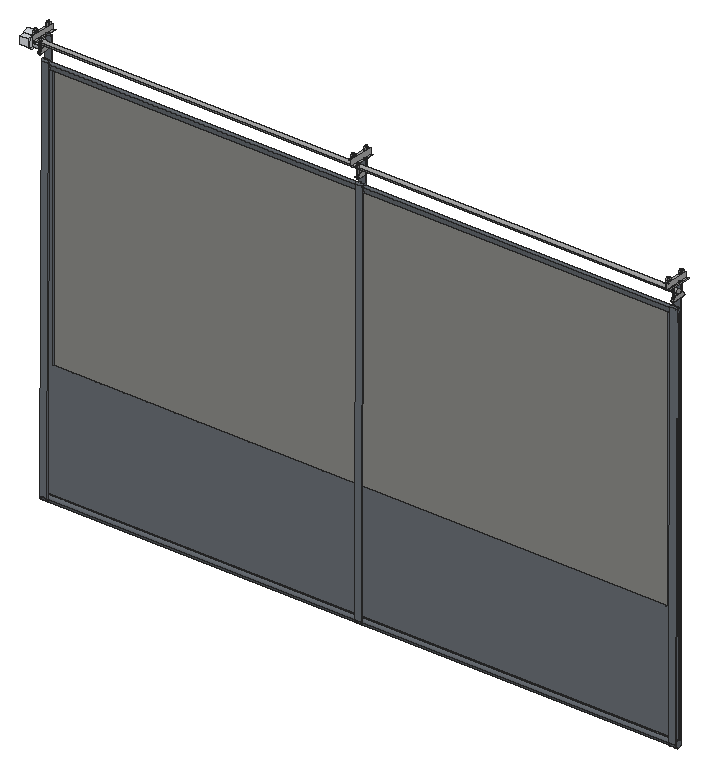
Revit family "Equipment-Gym-Draper_Inc.-Roll_Up_Gym_Divider", category Specialty Equipment, Revit 2012
Parameters (values of type "Vinyl & Mesh Combo")
  Voltage = 120 V
  Vinyl & Net = yes
  Vinyl = Fabric - Draper Inc. - Vinyl
  URL = "http://www.draperinc.com"
  Spacing = 15' - 0"
  Solid Vinyl = not(Vinyl & Net)  # no
  Single Divider [instance] = (Length < (Spacing * 2) + 1' 0")  # yes
  Product Page URL = "http://www.draperinc.com/GymEquipment/GymProducts.asp?detail=184#"
  Product Name = "Roll-Up Gym Dividers"  # constant formula
  Product Documentation Link = "http://www.draperinc.com/GymEquipment/GymProducts.asp?detail=184#"
  Vinyl Height = 6' - 0"
  Power Factor = 1
  Phase = 1
  Number of Poles = 1
  Constraint Divider 2 [instance] = not(Constraint Divider)  # no
  Constraint Divider [instance] = Length > Spacing  # yes
  Multiple Divider [instance] = not(Single Divider)  # no
  Model = "Roll-Up Gym Dividers"  # constant formula
  Mesh = Fabric - Draper Inc. - Mesh
  Material = ""
  Manufacturer = "Draper Inc."  # constant formula
  Length [instance] = 30' - 0"
  Height = 20' - 0"
  Frequency = 60 Hz
  Dividers [instance] = if(Divider Control / DPS < 1, DPS - 1, DPS)  # 2
  Description = "Gym Divider"  # constant formula
  DPS [instance] = Length / Spacing  # 2
  Divider Control [instance] = Length / Spacing  # 2
  Constraint Length [instance] = if(Length > 130' 0", 130' 0", Length)  # 30' - 0"
  Constraint Height = if(Height > 32' 0", 32' 0", Height)  # 20' - 0"
  Constraint Dividers [instance] = if(Dividers < 2, 2, Dividers)  # 2
  Apparent Load = 560 VA
Reference planes (in)
  plane 1 "Center (Front/Back)": y = 0
  plane 2: z = 0
  plane 3 "Left": x = 0
  plane 4 "Right": x = 360
  plane 5: y = 0.09375
  plane 6: y = -0.09375
  plane 7 "Top": z = 240
  plane 8 "Bottom": z = 2
  plane 9: z = 233.5
  plane 10: z = 237
  plane 11: z = 230.10061
  plane 12: z = 224.18359
  plane 13 "Center Lefl/Right": x = 180
  plane 14: z = 220.92773
  plane 15: x = 180
  plane 16 "Front": y = -7.00488
  plane 17 "Back": y = 6.99512
Forms (in)
  Extrusion 1, solid, material "Metal - Draper Inc. - Metal"
    sketch origin (0, 0, 0) x (0, 1, 0) y (0, 0, 1)
      loop
        circle (0, 233.5) r 1.26362
    from 0 to 360
  Extrusion 2, solid, material "Fabric - Draper Inc. - Vinyl" <- "Vinyl"
    sketch origin (0, 0, 0) x (0, 1, 0) y (0, 0, 1)
      loop
        arc (0.80653, 224.0991) -> (-0.00052, 224.99454) -> (-0.80642, 224.09806) r 0.81094
        line (-0.80642, 224.09806) -> (0.00488, 220.92773) -> (0.80653, 224.0991)
    from 0 to 360
  Extrusion 3, solid, material "Fabric - Draper Inc. - Vinyl" <- "Vinyl"
    sketch origin (0, 0, 0) x (0, 1, 0) y (0, 0, 1)
      loop
        circle (0, 3.75) r 1.75
    from 0 to 360
  Sweep 4, solid, material "Fabric - Draper Inc. - Mesh" <- "Mesh"
    path origin (0, 0, 0) x (0, 1, 0) y (0, 0, 1)
      loop
        line (0, 222.07953) -> (0, 5)
    profile origin (0, 0, 113.53976) x (1, 0, 0) y (0, 1, 0)
      loop
        line (0, 0.0625) -> (0, -0.0625) -> (360, -0.0625) -> (360, 0.0625) -> (0, 0.0625)
  Extrusion 5, solid, material "Fabric - Draper Inc. - Vinyl" <- "Vinyl", visible <- "Vinyl & Net"
    sketch origin (0, 0, 0) x (1, 0, 0) y (0, 0, 1)
      loop
        line (0, 220.92773) -> (0, 5.8946) -> (360, 5.8946) -> (360, 220.92773) -> (354, 220.92773) -> (354, 72) -> (6, 72) -> (6, 220.92773) -> (0, 220.92773)
    from -0.09375 to 0.09375
Lines and regions (in)
  Masking region 1
    outline origin (0, 0, 0) x (1, 0, 0) y (0, 1, 0)
      loop
        line (0, 0.09375) -> (0, -0.09375) -> (360, -0.09375) -> (360, 0.09375) -> (0, 0.09375)
  symbolic lines
    curve 1: line (360, 0.81745, 0) -> (0, 0.81745, 0)
    curve 2: line (360, -0.80769, 0) -> (0, -0.80769, 0)
    curve 3: line (0, 0.81745, 0) -> (0, -0.80769, 0)
    curve 4: line (360, 0.81745, 0) -> (360, -0.80769, 0)
Dimensions and locks (in)
  "Constraint Length": plane 3 "Left" to plane 4 "Right"
  equal spacing: plane 6, plane 1 "Center (Front/Back)", plane 5
  plane 5 to plane 6 = 0' - 0 3/16"
  "Constraint Height": plane 7 "Top" to level
  "Constraint Length": plane 4 "Right" to plane 3 "Left"
  locked: plane 7 "Top" to plane 9 at 6.5
  locked: plane 7 "Top" to plane 10 at 3
  locked: plane 7 "Top" to plane 11 at 9.89939
  locked: plane 1 "Center (Front/Back)" to Extrusion 1 sketch curve at 0
  locked: plane 9 to Extrusion 1 sketch curve
  locked: plane 1 "Center (Front/Back)" to Extrusion 1 sketch curve at 1.26362
  locked: plane 1 "Center (Front/Back)" to Extrusion 2 sketch curve at 0
  locked: plane 12 to Extrusion 2 sketch curve at 0
  locked: plane 12 to Extrusion 2 sketch curve at 0.81094
  Sweep 4 sketch curve to plane 8 "Bottom" = 0' - 3"
  Sweep 4 sketch curve to plane 1 "Center (Front/Back)" to Sweep 4 sketch curve = 0' - 0 1/16" locked, 0' - 0 1/16" locked
  locked: plane 12 to plane 7 "Top" at 15.81641
  locked: Extrusion 2 sketch curve to plane 12 at 3.25586
  equal spacing: plane 3 "Left", plane 13 "Center Lefl/Right", plane 4 "Right"
  "Vinyl Height": Extrusion 5 sketch curve to level
  locked: plane 7 "Top" to plane 14 at 19.07227
  curve 2 to plane 1 "Center (Front/Back)" to curve 1 = 0' - 0.80769" locked, 0' - 0.81745" locked
  locked: plane 8 "Bottom" to level at 2
  Extrusion 3 sketch curve to plane 8 "Bottom" to Extrusion 3 sketch curve = 0' - 3 1/2" locked, 0' - 0" locked
  Extrusion 3 sketch curve to plane 8 "Bottom" = 0' - 1 3/4"
  locked: plane 1 "Center (Front/Back)" to Extrusion 3 sketch curve at 0
  aligned and locked: plane 2 to level
  aligned and locked: plane 4 "Right" to Extrusion 1
  aligned and locked: Extrusion 1 to plane 3 "Left"
  aligned and locked: plane 4 "Right" to Extrusion 2
  aligned and locked: Extrusion 2 to plane 3 "Left"
  aligned and locked: plane 4 "Right" to Extrusion 3
  aligned and locked: Extrusion 3 to plane 3 "Left"
  aligned and locked: Sweep 4 sketch curve to profile plane
  aligned and locked: plane 4 "Right" to Sweep 4 sketch curve
  aligned and locked: plane 3 "Left" to nested 1
  aligned and locked: plane 1 "Center (Front/Back)" to nested 1
  aligned and locked: nested 1 to plane 7 "Top"
  aligned and locked: Extrusion 5 sketch curve to plane 3 "Left"
  aligned and locked: Extrusion 5 sketch curve to plane 4 "Right"
  aligned and locked: Extrusion 2 to Extrusion 5 sketch curve
  aligned and locked: Extrusion 5 to plane 5
  aligned and locked: Extrusion 5 to plane 6
  aligned and locked: Masking region 1 sketch curve to Extrusion 5  (x2)
  aligned and locked: plane 3 "Left" to Masking region 1 sketch curve
  aligned and locked: Masking region 1 sketch curve to plane 4 "Right"
  aligned and locked: plane 4 "Right" to curve 2
  aligned and locked: plane 3 "Left" to curve 2
  aligned and locked: curve 3 to plane 3 "Left"
  aligned and locked: curve 4 to plane 4 "Right"
  aligned and locked: plane 1 "Center (Front/Back)" to nested 2
  aligned and locked: plane 15 to nested 2
  aligned and locked: plane 1 "Center (Front/Back)" to nested 3
  aligned and locked: nested 3 to plane 7 "Top"
  aligned and locked: plane 1 "Center (Front/Back)" to nested 4
  aligned and locked: nested 4 to plane 3 "Left"
  aligned and locked: nested 2 to plane 7 "Top"
  aligned and locked: nested 4 to plane 7 "Top"
  aligned and locked: plane 7 "Top" to nested 5
  aligned and locked: nested 5 to plane 3 "Left"
  aligned and locked: nested 6 to plane 7 "Top"
  aligned and locked: plane 4 "Right" to nested 6
  aligned and locked: nested 7 to plane 3 "Left"
  aligned and locked: plane 10 to nested 7
  aligned and locked: nested 7 to plane 1 "Center (Front/Back)"
Automatic sketch dimensions
  Sweep 4 sketch curve to plane 1 "Center (Front/Back)" = 0' - 0"
  plane 12 to Sweep 4 sketch curve = 0' - 2.10406"
  plane 12 to Extrusion 2 sketch curve = 0' - 0.08554"
  Extrusion 2 sketch curve to plane 1 "Center (Front/Back)" = 0' - 0.00488"
  plane 12 to Extrusion 2 sketch curve = 0' - 0.0845"
  Extrusion 2 sketch curve to Extrusion 2 sketch curve = 0' - 0"
  Extrusion 5 sketch curve to plane 14 = 0' - 0"
  plane 3 "Left" to Extrusion 5 sketch curve = 0' - 6"
  Extrusion 5 sketch curve to plane 4 "Right" = 0' - 6"
  plane 8 "Bottom" to Extrusion 5 sketch curve = 0' - 3.8946"
Nested families (in)
  nested 1: "Pipe Support run" at (0, 0, 230.10061), visible <- "Constraint Divider", type "Pipe Support run"
    with SL 15' - 0", Length 30' - 0", CPS 2
  nested 2: "Divider" at (180, 0, 1.9375), visible <- "Single Divider", type "Divider"
    with Height 20' - 0"
  nested 3: "Pipe Support" at (360, 0, 230.10061), type "Pipe Support"
  nested 4: "Divider Run" at (120, 0, 1.9375), visible <- "Multiple Divider", type "Divider Run"
    with Multiple Dividers no, Height 20' - 0", Dividers 2, 2L 10' - 0"
  nested 5: "Divider" at (2, 0, 1.9375), visible <- "Single Divider", type "Divider"
    with Height 20' - 0"
  nested 6: "Divider" at (358, 0, 1.9375), visible <- "Single Divider", type "Divider"
    with Height 20' - 0"
  nested 7: "Divider Motor" at (-3.60166, 0, 237.25) x (0, 1, 0) z (0, 0, 1), type "Divider Motor"
Connectors (in)
  electrical at (-10.39655, 2, 233.07392), driven by "Voltage", driven by "Apparent Load", driven by "Number of Poles", driven by "Power Factor"
    settings: on nested 7, index 1, voltage 120 V, apparent load 0 VA, apparent load phase1 560 VA, apparent load phase2 0 VA, apparent load phase3 0 VA, power factor 1, load classification "Motor", number of poles 1, system type 31, power factor state 1, is connector primary yes, connector utility no, sub classification motor no, connector description "Power Connection"
Definition of nested family "Pipe Support run"
  Parameters (values of type "Pipe Support run")
    SL = Length / CPS  # 7' - 6"
    Material = Metal - Draper Inc. - Metal
    Length = 45' - 0"
    CPS = 6
  Reference planes (in)
    plane 1 "Center (Front/Back)": y = 0
    plane 2: z = 0
    plane 3 "Center (Left/Right)": x = 0
    plane 4 "Right": x = 540
    plane 5 "Top": z = 9.89939
    plane 6: x = 450
  Dimensions and locks (in)
    "Length": plane 3 "Center (Left/Right)" to plane 4 "Right"
    "SL": plane 6 to plane 4 "Right"
    equal spacing: group 1, group 3, group 4, group 5, group 6, group 2  (x3)
    aligned and locked: plane 2 to level
    aligned and locked: nested 1 to plane 3 "Center (Left/Right)"
    aligned and locked: nested 2 to plane 6
  Nested families (in)
    nested 1: "Pipe Support" at (1.5, 0, 0), type "Pipe Support"
    nested 2: "Pipe Support" at (451.5, 0, 0), type "Pipe Support"
    nested 3: "Pipe Support" at (91.5, 0, 0), type "Pipe Support"
    nested 4: "Pipe Support" at (181.5, 0, 0), type "Pipe Support"
    nested 5: "Pipe Support" at (271.5, 0, 0), type "Pipe Support"
    nested 6: "Pipe Support" at (361.5, 0, 0), type "Pipe Support"
  Definition of nested family "Pipe Support"
    Parameters (values of type "Pipe Support")
      Material = Metal - Draper Inc. - Metal
    Reference planes (in)
      plane 1 "Center (Front/Back)": y = 0
      plane 2: z = 0
      plane 3 "Center (Left/Right)": x = 0
      plane 4 "Center": x = -0.75
      plane 5 "Left": x = -1.5
      plane 6: x = -2.8125
      plane 7: x = -2.15625
    Forms (in)
      Extrusion 1, solid, material "Metal - Draper Inc. - Metal" <- "Material"
        sketch origin (0, 0, 0) x (0, 1, 0) y (0, 0, 1)
          loop
            line (2.75, 0.1345) -> (2, 2.1345) -> (-2, 2.1345) -> (-2.75, 0.1345) -> (2.75, 0.1345)
        from -1.38412 to -0.42212
      Extrusion 2, solid, material "Metal - Draper Inc. - Metal" <- "Material"
        sketch origin (0, 0, 0) x (0, 1, 0) y (0, 0, 1)
          loop
            line (4, 0.1345) -> (2.5, 2.1345) -> (-2.5, 2.1345) -> (-4, 0.1345) -> (4, 0.1345)
        from -0.42212 to 0.40104
      Extrusion 3, solid, material "Metal - Draper Inc. - Metal" <- "Material"
        sketch origin (0, 0, 0) x (0, 1, 0) y (0, 0, 1)
          loop
            line (4, 0.1345) -> (-4, 0.1345) -> (-4, 0) -> (4, 0) -> (4, 0.1345)
        from -1.38412 to 0.40104
      Extrusion 4, solid, material "Metal - Draper Inc. - Metal" <- "Material"
        sketch origin (0, 0, 0) x (0, 1, 0) y (0, 0, 1)
          loop
            circle (1.375, 1.7595) r 0.875
          loop
            circle (-1.375, 1.7595) r 0.875
        from -1.25 to -0.42212
      Extrusion 5, solid, material "Metal - Draper Inc. - Metal" <- "Material"
        sketch origin (-0.75, 0, 0) x (1, 0, 0) y (0, 1, 0)
          loop
            circle (0, 3) r 0.25
          loop
            circle (0, -3) r 0.25
        from -1.18885 to 7.14939
      Extrusion 6, solid, material "Metal - Draper Inc. - Metal" <- "Material"
        sketch origin (-2.15625, 0, 0) x (1, 0, 0) y (0, 1, 0)
          loop
            circle (0, 4.52061) r 0.25
          loop
            circle (0, -4.52061) r 0.25
        from 8.42304 to 12
      Extrusion 7, solid, material "Metal - Draper Inc. - Metal" <- "Material", detail levels fine
        sketch origin (-0.75, 0, 0) x (1, 0, 0) y (0, 1, 0)
          loop
            line (-0.20711, 3.5) -> (-0.5, 3.20711) -> (-0.5, 2.79289) -> (-0.20711, 2.5) -> (0.20711, 2.5) -> (0.5, 2.79289) -> (0.5, 3.20711) -> (0.20711, 3.5) -> (-0.20711, 3.5)
          loop
            circle (0, 3) r 0.25
        from 6.29939 to 6.89939
      Extrusion 8, solid, material "Metal - Draper Inc. - Metal" <- "Material", detail levels fine
        sketch origin (-0.75, -6, 0) x (1, 0, 0) y (0, 1, 0)
          loop
            line (-0.20711, 3.5) -> (-0.5, 3.20711) -> (-0.5, 2.79289) -> (-0.20711, 2.5) -> (0.20711, 2.5) -> (0.5, 2.79289) -> (0.5, 3.20711) -> (0.20711, 3.5) -> (-0.20711, 3.5)
          loop
            circle (0, 3) r 0.25
        from 6.29939 to 6.89939
      Extrusion 9, solid, material "Metal - Draper Inc. - Metal" <- "Material", detail levels fine
        sketch origin (-0.75, 0, 0) x (1, 0, 0) y (0, 1, 0)
          loop
            line (-0.20711, 3.5) -> (-0.5, 3.20711) -> (-0.5, 2.79289) -> (-0.20711, 2.5) -> (0.20711, 2.5) -> (0.5, 2.79289) -> (0.5, 3.20711) -> (0.20711, 3.5) -> (-0.20711, 3.5)
          loop
            circle (0, 3) r 0.25
        from 0.1345 to 0.7345
      Extrusion 10, solid, material "Metal - Draper Inc. - Metal" <- "Material", detail levels fine
        sketch origin (-2.15625, 1.52061, 0) x (1, 0, 0) y (0, 1, 0)
          loop
            line (-0.20711, 3.5) -> (-0.5, 3.20711) -> (-0.5, 2.79289) -> (-0.20711, 2.5) -> (0.20711, 2.5) -> (0.5, 2.79289) -> (0.5, 3.20711) -> (0.20711, 3.5) -> (-0.20711, 3.5)
          loop
            circle (0, 3) r 0.25
        from 9.01189 to 9.71189
      Extrusion 11, solid, material "Metal - Draper Inc. - Metal" <- "Material", detail levels fine
        sketch origin (-0.75, -6, 0) x (1, 0, 0) y (0, 1, 0)
          loop
            line (-0.20711, 3.5) -> (-0.5, 3.20711) -> (-0.5, 2.79289) -> (-0.20711, 2.5) -> (0.20711, 2.5) -> (0.5, 2.79289) -> (0.5, 3.20711) -> (0.20711, 3.5) -> (-0.20711, 3.5)
          loop
            circle (0, 3) r 0.25
        from 0.1345 to 0.7345
      Extrusion 12, solid, material "Metal - Draper Inc. - Metal" <- "Material", detail levels fine
        sketch origin (-0.75, 0, 0) x (1, 0, 0) y (0, 1, 0)
          loop
            line (-0.20711, 3.5) -> (-0.5, 3.20711) -> (-0.5, 2.79289) -> (-0.20711, 2.5) -> (0.20711, 2.5) -> (0.5, 2.79289) -> (0.5, 3.20711) -> (0.20711, 3.5) -> (-0.20711, 3.5)
          loop
            circle (0, 3) r 0.25
        from -0.6 to 0
      Extrusion 13, solid, material "Metal - Draper Inc. - Metal" <- "Material", detail levels fine
        sketch origin (-0.75, -6, 0) x (1, 0, 0) y (0, 1, 0)
          loop
            line (-0.20711, 3.5) -> (-0.5, 3.20711) -> (-0.5, 2.79289) -> (-0.20711, 2.5) -> (0.20711, 2.5) -> (0.5, 2.79289) -> (0.5, 3.20711) -> (0.20711, 3.5) -> (-0.20711, 3.5)
          loop
            circle (0, 3) r 0.25
        from -0.6 to 0
      Extrusion 14, solid, material "Metal - Draper Inc. - Metal" <- "Material"
        sketch origin (0, 0, 0) x (1, 0, 0) y (0, 0, 1)
          loop
            line (0, 6.89939) -> (0, 7.08689) -> (-1.3125, 7.08689) -> (-1.3125, 9.89939) -> (-2.8125, 9.89939) -> (-2.8125, 9.71189) -> (-1.5, 9.71189) -> (-1.5, 6.89939) -> (0, 6.89939)
        from -6.99512 to 7.00488
      Extrusion 15, solid, material "Metal - Draper Inc. - Metal" <- "Material", detail levels fine
        sketch origin (-2.15625, -7.52061, 0) x (1, 0, 0) y (0, 1, 0)
          loop
            line (-0.20711, 3.5) -> (-0.5, 3.20711) -> (-0.5, 2.79289) -> (-0.20711, 2.5) -> (0.20711, 2.5) -> (0.5, 2.79289) -> (0.5, 3.20711) -> (0.20711, 3.5) -> (-0.20711, 3.5)
          loop
            circle (0, 3) r 0.25
        from 9.01189 to 9.71189
      Extrusion 16, solid, material "Metal - Draper Inc. - Metal" <- "Material", detail levels fine
        sketch origin (-2.15625, 1.52061, 0) x (1, 0, 0) y (0, 1, 0)
          loop
            line (-0.20711, 3.5) -> (-0.5, 3.20711) -> (-0.5, 2.79289) -> (-0.20711, 2.5) -> (0.20711, 2.5) -> (0.5, 2.79289) -> (0.5, 3.20711) -> (0.20711, 3.5) -> (-0.20711, 3.5)
          loop
            circle (0, 3) r 0.25
        from 11.39939 to 11.99939
      Extrusion 17, solid, material "Metal - Draper Inc. - Metal" <- "Material", detail levels fine
        sketch origin (-2.15625, -7.52061, 0) x (1, 0, 0) y (0, 1, 0)
          loop
            line (-0.20711, 3.5) -> (-0.5, 3.20711) -> (-0.5, 2.79289) -> (-0.20711, 2.5) -> (0.20711, 2.5) -> (0.5, 2.79289) -> (0.5, 3.20711) -> (0.20711, 3.5) -> (-0.20711, 3.5)
          loop
            circle (0, 3) r 0.25
        from 11.39939 to 11.99939
      Extrusion 18, solid, material "Metal - Draper Inc. - Metal" <- "Material"
        sketch origin (0, 0, 0) x (0, 1, 0) y (0, 0, 1)
          loop
            arc (5.08311, 11.14939) -> (5.25988, 11.07617) -> (5.33311, 10.89939) r 0.25
            line (5.33311, 10.89939) -> (5.33311, 9.89939) -> (5.58311, 9.89939) -> (5.58311, 10.89939)
            arc (5.58311, 10.89939) -> (5.43666, 11.25295) -> (5.08311, 11.39939) r 0.5
            line (5.08311, 11.39939) -> (3.83348, 11.39939)
            arc (3.83348, 11.39939) -> (3.48015, 11.25317) -> (3.33348, 10.90001) r 0.5
            line (3.33348, 10.90001) -> (3.33288, 9.89939) -> (3.58311, 9.89939) -> (3.58311, 10.89939)
            arc (3.58311, 10.89939) -> (3.65633, 11.07617) -> (3.83311, 11.14939) r 0.25
            line (3.83311, 11.14939) -> (5.08311, 11.14939)
        from -2.65625 to -1.65625
      Extrusion 19, solid, material "Metal - Draper Inc. - Metal" <- "Material"
        sketch origin (0, -8.91621, 0) x (0, 1, 0) y (0, 0, 1)
          loop
            arc (5.08311, 11.14939) -> (5.25988, 11.07617) -> (5.33311, 10.89939) r 0.25
            line (5.33311, 10.89939) -> (5.33311, 9.89939) -> (5.58311, 9.89939) -> (5.58311, 10.89939)
            arc (5.58311, 10.89939) -> (5.43666, 11.25295) -> (5.08311, 11.39939) r 0.5
            line (5.08311, 11.39939) -> (3.83348, 11.39939)
            arc (3.83348, 11.39939) -> (3.48015, 11.25317) -> (3.33348, 10.90001) r 0.5
            line (3.33348, 10.90001) -> (3.33288, 9.89939) -> (3.58311, 9.89939) -> (3.58311, 10.89939)
            arc (3.58311, 10.89939) -> (3.65633, 11.07617) -> (3.83311, 11.14939) r 0.25
            line (3.83311, 11.14939) -> (5.08311, 11.14939)
        from -2.65625 to -1.65625
      Extrusion 20, solid, material "Metal - Draper Inc. - Metal" <- "Material"
        sketch origin (0, 0, 0) x (0, 1, 0) y (0, 0, 1)
          loop
            arc (-0.43345, -0.23829) -> (-0.30995, -1.22354) -> (0.60851, -0.84619) r 0.625
            line (0.60851, -0.84619) -> (0.79293, -0.16122) -> (0.55153, -0.09623) -> (0.36711, -0.78119)
            arc (0.36711, -0.78119) -> (-0.18397, -1.0076) -> (-0.25807, -0.41645) r 0.375
            line (-0.25807, -0.41645) -> (0.40707, 0.23829)
            arc (0.40707, 0.23829) -> (0.28357, 1.22354) -> (-0.63489, 0.84619) r 0.625
            line (-0.63489, 0.84619) -> (-0.81931, 0.16122) -> (-0.57791, 0.09623) -> (-0.39349, 0.78119)
            arc (-0.39349, 0.78119) -> (0.15759, 1.0076) -> (0.23169, 0.41645) r 0.375
            line (0.23169, 0.41645) -> (-0.43345, -0.23829)
        from -0.67385 to -0.82636
    Cuts and joins
      joined: Extrusion 1, Extrusion 2, Extrusion 3
    Lines and regions (in)
      model lines, detail levels fine
        curve 1: spline (-0.75, 0.48011, -1.69493) -> (-0.75, 0.57945, -1.66165) -> (-0.75, 0.66659, -1.597) -> (-0.75, 0.7356, -1.50539) -> (-0.75, 0.78177, -1.39305) -> (-0.75, 0.80196, -1.26764) -> (-0.75, 0.79479, -1.13772) -> (-0.75, 0.76074, -1.01212) -> (-0.75, 0.70215, -0.89943) -> (-0.75, 0.623, -0.8073) -> (-0.75, 0.52869, -0.74203) -> (-0.75, 0.42564, -0.70805) -> (-0.75, 0.32087, -0.70769) -> (-0.75, 0.22154, -0.74097) -> (-0.75, 0.1344, -0.80563) -> (-0.75, 0.06539, -0.89724) -> (-0.75, 0.01922, -1.00958) -> (-0.75, -0.00097, -1.13499) -> (-0.75, 0.0062, -1.26491) -> (-0.75, 0.04024, -1.3905) -> (-0.75, 0.09884, -1.5032) -> (-0.75, 0.17799, -1.59533) -> (-0.75, 0.2723, -1.6606) -> (-0.75, 0.37535, -1.69457) -> (-0.75, 0.48011, -1.69493)
        curve 3: spline (-0.75, 0.77556, -3.58199) -> (-0.75, 0.87518, -3.54959) -> (-0.75, 0.96289, -3.48571) -> (-0.75, 1.0327, -3.3947) -> (-0.75, 1.07986, -3.28278) -> (-0.75, 1.10116, -3.15755) -> (-0.75, 1.09513, -3.02757) -> (-0.75, 1.0622, -2.90168) -> (-0.75, 1.0046, -2.78847) -> (-0.75, 0.92627, -2.69565) -> (-0.75, 0.83253, -2.62955) -> (-0.75, 0.72979, -2.59467) -> (-0.75, 0.62503, -2.59339) -> (-0.75, 0.5254, -2.62579) -> (-0.75, 0.4377, -2.68967) -> (-0.75, 0.36788, -2.78067) -> (-0.75, 0.32072, -2.8926) -> (-0.75, 0.29943, -3.01782) -> (-0.75, 0.30546, -3.14781) -> (-0.75, 0.33839, -3.27369) -> (-0.75, 0.39599, -3.3869) -> (-0.75, 0.47432, -3.47972) -> (-0.75, 0.56806, -3.54583) -> (-0.75, 0.6708, -3.58071) -> (-0.75, 0.77556, -3.58199)
        curve 4: spline (-0.75, 0.63332, -2.64477) -> (-0.84661, 0.63061, -2.62795) -> (-0.93664, 0.62265, -2.57864) -> (-1.01395, 0.61, -2.50019) -> (-1.07327, 0.59351, -2.39796) -> (-1.11056, 0.57431, -2.27891) -> (-1.12328, 0.5537, -2.15115) -> (-1.11056, 0.53309, -2.02339) -> (-1.07327, 0.51389, -1.90434) -> (-1.01395, 0.4974, -1.80211) -> (-0.93664, 0.48475, -1.72366) -> (-0.84661, 0.47679, -1.67435) -> (-0.75, 0.47408, -1.65753) -> (-0.65339, 0.47679, -1.67435) -> (-0.56336, 0.48475, -1.72366) -> (-0.48605, 0.4974, -1.80211) -> (-0.42673, 0.51389, -1.90434) -> (-0.38944, 0.53309, -2.02339) -> (-0.37672, 0.5537, -2.15115) -> (-0.38944, 0.57431, -2.27891) -> (-0.42673, 0.59351, -2.39796) -> (-0.48605, 0.61, -2.50019) -> (-0.56336, 0.62265, -2.57864) -> (-0.65339, 0.63061, -2.62795) -> (-0.75, 0.63332, -2.64477)
        curve 6: line (-0.75, 0.49007, -1.75664) -> (-0.75, 0.31092, -0.64599)
        curve 7: line (-0.75, 0.31092, -0.64599) -> (-0.75, 0.49007, -1.75664)
        curve 10: line (-0.75, 0.78497, -3.64378) -> (-0.75, 0.61562, -2.5316)
        curve 11: line (-0.75, 0.61562, -2.5316) -> (-0.75, 0.78497, -3.64378)
        curve 12: line (-0.75, 0.64327, -2.70647) -> (-0.75, 0.46413, -1.59583)
        curve 13: line (-0.75, 0.46413, -1.59583) -> (-0.75, 0.64327, -2.70647)
        curve 16: spline (-0.75, 0.93235, -4.49869) -> (-0.84661, 0.92964, -4.48187) -> (-0.93664, 0.92168, -4.43256) -> (-1.01395, 0.90903, -4.35411) -> (-1.07327, 0.89254, -4.25188) -> (-1.11056, 0.87334, -4.13283) -> (-1.12328, 0.85273, -4.00507) -> (-1.11056, 0.83212, -3.87731) -> (-1.07327, 0.81292, -3.75826) -> (-1.01395, 0.79643, -3.65603) -> (-0.93664, 0.78378, -3.57758) -> (-0.84661, 0.77582, -3.52827) -> (-0.75, 0.77311, -3.51145) -> (-0.65339, 0.77582, -3.52827) -> (-0.56336, 0.78378, -3.57758) -> (-0.48605, 0.79643, -3.65603) -> (-0.42673, 0.81292, -3.75826) -> (-0.38944, 0.83212, -3.87731) -> (-0.37672, 0.85273, -4.00507) -> (-0.38944, 0.87334, -4.13283) -> (-0.42673, 0.89254, -4.25188) -> (-0.48605, 0.90903, -4.35411) -> (-0.56336, 0.92168, -4.43256) -> (-0.65339, 0.92964, -4.48187) -> (-0.75, 0.93235, -4.49869)
        curve 17: line (-0.75, 0.9423, -4.56039) -> (-0.75, 0.76316, -3.44975)
        curve 18: line (-0.75, 0.76316, -3.44975) -> (-0.75, 0.9423, -4.56039)
        curve 19: spline (-0.75, 1.06963, -5.40515) -> (-0.75, 1.16925, -5.37274) -> (-0.75, 1.25696, -5.30886) -> (-0.75, 1.32677, -5.21786) -> (-0.75, 1.37393, -5.10593) -> (-0.75, 1.39523, -4.98071) -> (-0.75, 1.3892, -4.85072) -> (-0.75, 1.35627, -4.72484) -> (-0.75, 1.29867, -4.61163) -> (-0.75, 1.22033, -4.51881) -> (-0.75, 1.1266, -4.4527) -> (-0.75, 1.02385, -4.41782) -> (-0.75, 0.9191, -4.41654) -> (-0.75, 0.81947, -4.44894) -> (-0.75, 0.73176, -4.51282) -> (-0.75, 0.66195, -4.60383) -> (-0.75, 0.61479, -4.71576) -> (-0.75, 0.5935, -4.84098) -> (-0.75, 0.59953, -4.97096) -> (-0.75, 0.63246, -5.09685) -> (-0.75, 0.69006, -5.21006) -> (-0.75, 0.76839, -5.30288) -> (-0.75, 0.86212, -5.36898) -> (-0.75, 0.96487, -5.40386) -> (-0.75, 1.06963, -5.40515)
        curve 20: line (-0.75, 1.07903, -5.46693) -> (-0.75, 0.90969, -4.35475)
        curve 21: line (-0.75, 0.90969, -4.35475) -> (-0.75, 1.07903, -5.46693)
        curve 22: spline (-0.75, 1.22824, -6.33316) -> (-0.84661, 1.22553, -6.31634) -> (-0.93664, 1.21758, -6.26702) -> (-1.01395, 1.20492, -6.18858) -> (-1.07327, 1.18843, -6.08635) -> (-1.11056, 1.16923, -5.9673) -> (-1.12328, 1.14862, -5.83954) -> (-1.11056, 1.12802, -5.71178) -> (-1.07327, 1.10881, -5.59273) -> (-1.01395, 1.09232, -5.4905) -> (-0.93664, 1.07967, -5.41205) -> (-0.84661, 1.07172, -5.36274) -> (-0.75, 1.069, -5.34592) -> (-0.65339, 1.07172, -5.36274) -> (-0.56336, 1.07967, -5.41205) -> (-0.48605, 1.09232, -5.4905) -> (-0.42673, 1.10881, -5.59273) -> (-0.38944, 1.12802, -5.71178) -> (-0.37672, 1.14862, -5.83954) -> (-0.38944, 1.16923, -5.9673) -> (-0.42673, 1.18843, -6.08635) -> (-0.48605, 1.20492, -6.18858) -> (-0.56336, 1.21758, -6.26702) -> (-0.65339, 1.22553, -6.31634) -> (-0.75, 1.22824, -6.33316)
        curve 23: line (-0.75, 1.2382, -6.39486) -> (-0.75, 1.05905, -5.28421)
        curve 24: line (-0.75, 1.05905, -5.28421) -> (-0.75, 1.2382, -6.39486)
        curve 25: spline (-0.75, -0.67789, -1.69493) -> (-0.75, -0.77722, -1.66165) -> (-0.75, -0.86437, -1.597) -> (-0.75, -0.93337, -1.50539) -> (-0.75, -0.97954, -1.39305) -> (-0.75, -0.99973, -1.26764) -> (-0.75, -0.99256, -1.13772) -> (-0.75, -0.95852, -1.01212) -> (-0.75, -0.89992, -0.89943) -> (-0.75, -0.82078, -0.8073) -> (-0.75, -0.72646, -0.74203) -> (-0.75, -0.62341, -0.70805) -> (-0.75, -0.51865, -0.70769) -> (-0.75, -0.41931, -0.74097) -> (-0.75, -0.33217, -0.80563) -> (-0.75, -0.26316, -0.89724) -> (-0.75, -0.21699, -1.00958) -> (-0.75, -0.1968, -1.13499) -> (-0.75, -0.20398, -1.26491) -> (-0.75, -0.23802, -1.3905) -> (-0.75, -0.29661, -1.5032) -> (-0.75, -0.37576, -1.59533) -> (-0.75, -0.47007, -1.6606) -> (-0.75, -0.57312, -1.69457) -> (-0.75, -0.67789, -1.69493)
        curve 26: spline (-0.75, -0.97333, -3.58199) -> (-0.75, -1.07296, -3.54959) -> (-0.75, -1.16067, -3.48571) -> (-0.75, -1.23048, -3.3947) -> (-0.75, -1.27764, -3.28278) -> (-0.75, -1.29893, -3.15755) -> (-0.75, -1.29291, -3.02757) -> (-0.75, -1.25997, -2.90168) -> (-0.75, -1.20238, -2.78847) -> (-0.75, -1.12404, -2.69565) -> (-0.75, -1.03031, -2.62955) -> (-0.75, -0.92756, -2.59467) -> (-0.75, -0.8228, -2.59339) -> (-0.75, -0.72318, -2.62579) -> (-0.75, -0.63547, -2.68967) -> (-0.75, -0.56566, -2.78067) -> (-0.75, -0.5185, -2.8926) -> (-0.75, -0.49721, -3.01782) -> (-0.75, -0.50323, -3.14781) -> (-0.75, -0.53616, -3.27369) -> (-0.75, -0.59376, -3.3869) -> (-0.75, -0.6721, -3.47972) -> (-0.75, -0.76583, -3.54583) -> (-0.75, -0.86858, -3.58071) -> (-0.75, -0.97333, -3.58199)
        curve 27: spline (-0.75, -0.83109, -2.64477) -> (-0.84661, -0.82838, -2.62795) -> (-0.93664, -0.82043, -2.57864) -> (-1.01395, -0.80777, -2.50019) -> (-1.07327, -0.79128, -2.39796) -> (-1.11056, -0.77208, -2.27891) -> (-1.12328, -0.75147, -2.15115) -> (-1.11056, -0.73087, -2.02339) -> (-1.07327, -0.71166, -1.90434) -> (-1.01395, -0.69517, -1.80211) -> (-0.93664, -0.68252, -1.72366) -> (-0.84661, -0.67457, -1.67435) -> (-0.75, -0.67185, -1.65753) -> (-0.65339, -0.67457, -1.67435) -> (-0.56336, -0.68252, -1.72366) -> (-0.48605, -0.69517, -1.80211) -> (-0.42673, -0.71166, -1.90434) -> (-0.38944, -0.73087, -2.02339) -> (-0.37672, -0.75147, -2.15115) -> (-0.38944, -0.77208, -2.27891) -> (-0.42673, -0.79128, -2.39796) -> (-0.48605, -0.80777, -2.50019) -> (-0.56336, -0.82043, -2.57864) -> (-0.65339, -0.82838, -2.62795) -> (-0.75, -0.83109, -2.64477)
        curve 28: line (-0.75, -0.68784, -1.75664) -> (-0.75, -0.5087, -0.64599)
        curve 29: line (-0.75, -0.5087, -0.64599) -> (-0.75, -0.68784, -1.75664)
        curve 30: line (-0.75, -0.98274, -3.64378) -> (-0.75, -0.8134, -2.5316)
        curve 31: line (-0.75, -0.8134, -2.5316) -> (-0.75, -0.98274, -3.64378)
        curve 32: line (-0.75, -0.84105, -2.70647) -> (-0.75, -0.6619, -1.59583)
        curve 33: line (-0.75, -0.6619, -1.59583) -> (-0.75, -0.84105, -2.70647)
        curve 34: spline (-0.75, -1.13012, -4.49869) -> (-0.84661, -1.12741, -4.48187) -> (-0.93664, -1.11946, -4.43256) -> (-1.01395, -1.1068, -4.35411) -> (-1.07327, -1.09031, -4.25188) -> (-1.11056, -1.07111, -4.13283) -> (-1.12328, -1.0505, -4.00507) -> (-1.11056, -1.0299, -3.87731) -> (-1.07327, -1.01069, -3.75826) -> (-1.01395, -0.99421, -3.65603) -> (-0.93664, -0.98155, -3.57758) -> (-0.84661, -0.9736, -3.52827) -> (-0.75, -0.97089, -3.51145) -> (-0.65339, -0.9736, -3.52827) -> (-0.56336, -0.98155, -3.57758) -> (-0.48605, -0.99421, -3.65603) -> (-0.42673, -1.01069, -3.75826) -> (-0.38944, -1.0299, -3.87731) -> (-0.37672, -1.0505, -4.00507) -> (-0.38944, -1.07111, -4.13283) -> (-0.42673, -1.09031, -4.25188) -> (-0.48605, -1.1068, -4.35411) -> (-0.56336, -1.11946, -4.43256) -> (-0.65339, -1.12741, -4.48187) -> (-0.75, -1.13012, -4.49869)
        curve 35: line (-0.75, -1.14008, -4.56039) -> (-0.75, -0.96093, -3.44975)
        curve 36: line (-0.75, -0.96093, -3.44975) -> (-0.75, -1.14008, -4.56039)
        curve 37: spline (-0.75, -1.2674, -5.40515) -> (-0.75, -1.36703, -5.37274) -> (-0.75, -1.45474, -5.30886) -> (-0.75, -1.52455, -5.21786) -> (-0.75, -1.57171, -5.10593) -> (-0.75, -1.593, -4.98071) -> (-0.75, -1.58697, -4.85072) -> (-0.75, -1.55404, -4.72484) -> (-0.75, -1.49644, -4.61163) -> (-0.75, -1.41811, -4.51881) -> (-0.75, -1.32438, -4.4527) -> (-0.75, -1.22163, -4.41782) -> (-0.75, -1.11687, -4.41654) -> (-0.75, -1.01725, -4.44894) -> (-0.75, -0.92954, -4.51282) -> (-0.75, -0.85973, -4.60383) -> (-0.75, -0.81257, -4.71576) -> (-0.75, -0.79127, -4.84098) -> (-0.75, -0.7973, -4.97096) -> (-0.75, -0.83023, -5.09685) -> (-0.75, -0.88783, -5.21006) -> (-0.75, -0.96616, -5.30288) -> (-0.75, -1.0599, -5.36898) -> (-0.75, -1.16264, -5.40386) -> (-0.75, -1.2674, -5.40515)
        curve 38: line (-0.75, -1.27681, -5.46693) -> (-0.75, -1.10747, -4.35475)
        curve 39: line (-0.75, -1.10747, -4.35475) -> (-0.75, -1.27681, -5.46693)
        curve 40: spline (-0.75, -1.42602, -6.33316) -> (-0.84661, -1.4233, -6.31634) -> (-0.93664, -1.41535, -6.26702) -> (-1.01395, -1.4027, -6.18858) -> (-1.07327, -1.38621, -6.08635) -> (-1.11056, -1.36701, -5.9673) -> (-1.12328, -1.3464, -5.83954) -> (-1.11056, -1.32579, -5.71178) -> (-1.07327, -1.30659, -5.59273) -> (-1.01395, -1.2901, -5.4905) -> (-0.93664, -1.27745, -5.41205) -> (-0.84661, -1.26949, -5.36274) -> (-0.75, -1.26678, -5.34592) -> (-0.65339, -1.26949, -5.36274) -> (-0.56336, -1.27745, -5.41205) -> (-0.48605, -1.2901, -5.4905) -> (-0.42673, -1.30659, -5.59273) -> (-0.38944, -1.32579, -5.71178) -> (-0.37672, -1.3464, -5.83954) -> (-0.38944, -1.36701, -5.9673) -> (-0.42673, -1.38621, -6.08635) -> (-0.48605, -1.4027, -6.18858) -> (-0.56336, -1.41535, -6.26702) -> (-0.65339, -1.4233, -6.31634) -> (-0.75, -1.42602, -6.33316)
        curve 41: line (-0.75, -1.43597, -6.39486) -> (-0.75, -1.25683, -5.28421)
        curve 42: line (-0.75, -1.25683, -5.28421) -> (-0.75, -1.43597, -6.39486)
        curve 43: spline (-0.75, 0.50854, -6.98972) -> (-0.75, 0.59103, -7.05429) -> (-0.75, 0.693, -7.0914) -> (-0.75, 0.80747, -7.09852) -> (-0.75, 0.92666, -7.07517) -> (-0.75, 1.04245, -7.02293) -> (-0.75, 1.14693, -6.94537) -> (-0.75, 1.23299, -6.84777) -> (-0.75, 1.29476, -6.73678) -> (-0.75, 1.32804, -6.61997) -> (-0.75, 1.33056, -6.5053) -> (-0.75, 1.30215, -6.40059) -> (-0.75, 1.24473, -6.31296) -> (-0.75, 1.16223, -6.24839) -> (-0.75, 1.06027, -6.21128) -> (-0.75, 0.94579, -6.20416) -> (-0.75, 0.8266, -6.22751) -> (-0.75, 0.71082, -6.27975) -> (-0.75, 0.60634, -6.35731) -> (-0.75, 0.52028, -6.45491) -> (-0.75, 0.4585, -6.5659) -> (-0.75, 0.42522, -6.6827) -> (-0.75, 0.4227, -6.79738) -> (-0.75, 0.45112, -6.90209) -> (-0.75, 0.50854, -6.98972)
        curve 44: line (-0.75, 0.46252, -7.03202) -> (-0.75, 1.29074, -6.27066)
        curve 45: line (-0.75, 1.29074, -6.27066) -> (-0.75, 0.46252, -7.03202)
        curve 46: spline (-0.75, -0.5, -6.90358) -> (-0.84737, -0.48296, -6.90358) -> (-0.9381, -0.43301, -6.90358) -> (-1.01602, -0.35355, -6.90358) -> (-1.07581, -0.25, -6.90358) -> (-1.11339, -0.12941, -6.90358) -> (-1.12621, 0, -6.90358) -> (-1.11339, 0.12941, -6.90358) -> (-1.07581, 0.25, -6.90358) -> (-1.01602, 0.35355, -6.90358) -> (-0.9381, 0.43301, -6.90358) -> (-0.84737, 0.48296, -6.90358) -> (-0.75, 0.5, -6.90358) -> (-0.65263, 0.48296, -6.90358) -> (-0.5619, 0.43301, -6.90358) -> (-0.48398, 0.35355, -6.90358) -> (-0.42419, 0.25, -6.90358) -> (-0.38661, 0.12941, -6.90358) -> (-0.37379, 0, -6.90358) -> (-0.38661, -0.12941, -6.90358) -> (-0.42419, -0.25, -6.90358) -> (-0.48398, -0.35355, -6.90358) -> (-0.5619, -0.43301, -6.90358) -> (-0.65263, -0.48296, -6.90358) -> (-0.75, -0.5, -6.90358)
        curve 48: spline (-0.75, -0.50854, -6.98972) -> (-0.75, -0.59103, -7.05429) -> (-0.75, -0.693, -7.0914) -> (-0.75, -0.80747, -7.09852) -> (-0.75, -0.92666, -7.07517) -> (-0.75, -1.04245, -7.02293) -> (-0.75, -1.14693, -6.94537) -> (-0.75, -1.23299, -6.84777) -> (-0.75, -1.29476, -6.73678) -> (-0.75, -1.32804, -6.61997) -> (-0.75, -1.33056, -6.5053) -> (-0.75, -1.30215, -6.40059) -> (-0.75, -1.24473, -6.31296) -> (-0.75, -1.16223, -6.24839) -> (-0.75, -1.06027, -6.21128) -> (-0.75, -0.94579, -6.20416) -> (-0.75, -0.8266, -6.22751) -> (-0.75, -0.71082, -6.27975) -> (-0.75, -0.60634, -6.35731) -> (-0.75, -0.52028, -6.45491) -> (-0.75, -0.4585, -6.5659) -> (-0.75, -0.42522, -6.6827) -> (-0.75, -0.4227, -6.79738) -> (-0.75, -0.45112, -6.90209) -> (-0.75, -0.50854, -6.98972)
        curve 49: line (-0.75, -0.46252, -7.03202) -> (-0.75, -1.29074, -6.27066)
        curve 50: line (-0.75, -1.29074, -6.27066) -> (-0.75, -0.46252, -7.03202)
        curve 51: line (-0.75, -0.5625, -6.90358) -> (-0.75, 0.5625, -6.90358)
        curve 52: line (-0.75, 0.5625, -6.90358) -> (-0.75, -0.5625, -6.90358)
      model lines, not visible, detail levels fine
        curve 2: spline (-0.75, 5.58094, -3.87987) -> (-0.75, 5.66195, -3.81343) -> (-0.75, 5.72039, -3.72201) -> (-0.75, 5.7523, -3.61184) -> (-0.75, 5.75549, -3.49042) -> (-0.75, 5.72974, -3.36604) -> (-0.75, 5.67682, -3.24716) -> (-0.75, 5.60033, -3.14189) -> (-0.75, 5.50549, -3.05741) -> (-0.75, 5.39874, -2.99947) -> (-0.75, 5.28738, -2.97201) -> (-0.75, 5.17898, -2.97691) -> (-0.75, 5.08094, -3.01384) -> (-0.75, 4.99994, -3.08028) -> (-0.75, 4.9415, -3.1717) -> (-0.75, 4.90959, -3.28187) -> (-0.75, 4.9064, -3.40329) -> (-0.75, 4.93215, -3.52767) -> (-0.75, 4.98507, -3.64655) -> (-0.75, 5.06156, -3.75182) -> (-0.75, 5.1564, -3.8363) -> (-0.75, 5.26315, -3.89425) -> (-0.75, 5.37451, -3.9217) -> (-0.75, 5.48291, -3.9168) -> (-0.75, 5.58094, -3.87987)
        curve 5: spline (-0.75, 0.63332, -2.64477) -> (-0.84661, 0.63061, -2.62795) -> (-0.93664, 0.62265, -2.57864) -> (-1.01395, 0.61, -2.50019) -> (-1.07327, 0.59351, -2.39796) -> (-1.11056, 0.57431, -2.27891) -> (-1.12328, 0.5537, -2.15115) -> (-1.11056, 0.53309, -2.02339) -> (-1.07327, 0.51389, -1.90434) -> (-1.01395, 0.4974, -1.80211) -> (-0.93664, 0.48475, -1.72366) -> (-0.84661, 0.47679, -1.67435) -> (-0.75, 0.47408, -1.65753) -> (-0.65339, 0.47679, -1.67435) -> (-0.56336, 0.48475, -1.72366) -> (-0.48605, 0.4974, -1.80211) -> (-0.42673, 0.51389, -1.90434) -> (-0.38944, 0.53309, -2.02339) -> (-0.37672, 0.5537, -2.15115) -> (-0.38944, 0.57431, -2.27891) -> (-0.42673, 0.59351, -2.39796) -> (-0.48605, 0.61, -2.50019) -> (-0.56336, 0.62265, -2.57864) -> (-0.65339, 0.63061, -2.62795) -> (-0.75, 0.63332, -2.64477)
        curve 8: line (-0.75, 5.61219, -3.934) -> (-0.75, 5.04969, -2.95972)
        curve 9: line (-0.75, 5.04969, -2.95972) -> (-0.75, 5.61219, -3.934)
        curve 14: line (-0.75, 0.64327, -2.70647) -> (-0.75, 0.46413, -1.59583)
        curve 15: line (-0.75, 0.46413, -1.59583) -> (-0.75, 0.64327, -2.70647)
      reference lines
        curve 47: line (0, 38.90111, -6.90358) -> (0, -34.34889, -6.90358)
      model lines, detail levels coarse+medium
        curve 53: line (-0.75, 1.16112, -5.91701) -> (-0.75, 0.31319, -0.66007)
        curve 54: arc (-0.75, -1.35889, -5.91701) -> (-0.75, -0.09889, -7.17702) -> (-0.75, 1.16112, -5.91701) r 1.26001
        curve 55: line (-0.75, -0.49503, -0.56125) -> (-0.75, -1.35889, -5.91701)
    Dimensions and locks (in)
      Extrusion 2 to plane 3 "Center (Left/Right)" to Extrusion 2 = 0' - 0.40104", 0' - 0.42212"
      Extrusion 1 to Extrusion 1 to plane 3 "Center (Left/Right)" = 0' - 0.962", 0' - 0.42212"
      Extrusion 3 to plane 3 "Center (Left/Right)" to Extrusion 3 = 0' - 1.38412", 0' - 0.40104"
      plane 3 "Center (Left/Right)" to plane 4 "Center" = 0' - 0 3/4"
      Extrusion 20 to plane 4 "Center" to Extrusion 20 = 0' - 0.07636" locked, 0' - 0.07615" locked
      Extrusion 14 sketch curve to Extrusion 14 sketch curve to Extrusion 14 sketch curve to Extrusion 8 to plane 2 = 0' - 0 3/16" locked, 0' - 2 5/8" locked, 0' - 0 3/16" locked, 0' - 6.89939" locked
      locked: plane 5 "Left" to Extrusion 14 sketch curve at 0.1875
      aligned and locked: plane 2 to level
      aligned and locked: Extrusion 14 sketch curve to plane 5 "Left"
      aligned and locked: Extrusion 14 sketch curve to plane 6
Definition of nested family "Divider"
  Parameters (values of type "Divider")
    Vinyl = Fabric - Draper Inc. - Vinyl
    Single = yes
    Material = Fabric - Draper Inc. - Vinyl
    Height = 18' - 9 11/32"
  Reference planes (in)
    plane 1 "Center (Front/Back)": y = 0
    plane 2: z = 0
    plane 3 "Center (Left/Right)": x = 0
    plane 4: z = 221.375
    plane 5: z = 223.40625
    plane 6: z = -1.9375
  Forms (in)
    Extrusion 1, solid, material "Fabric - Draper Inc. - Vinyl" <- "Vinyl"
      sketch origin (-2, 0, -1.93939) x (0, 1, 0) y (0, 0, 1)
        loop
          line (-1.75, 3.75) -> (-0.81094, 209.82031)
          arc (-0.81094, 209.82031) -> (0, 210.63125) -> (0.81094, 209.82031) r 0.81094
          line (0.81094, 209.82031) -> (0.04732, 206.56445) -> (0.16416, 206.93955) -> (0.8682, 209.72476)
          arc (0.8682, 209.72476) -> (0.04799, 210.69243) -> (-0.87344, 209.82061) r 0.87344
          line (-0.87344, 209.82061) -> (-1.8125, 3.75012)
          arc (-1.8125, 3.75012) -> (0.00003, 1.93762) -> (1.8125, 3.75019) r 1.8125
          line (1.8125, 3.75019) -> (1.358, 222.63697) -> (1.2955, 223.31439) -> (1.2955, 222.63672) -> (1.75, 3.75)
          arc (1.75, 3.75) -> (0, 2) -> (-1.75, 3.75) r 1.75
      from 0 to 4
  Dimensions and locks (in)
    "Height": plane 5 to plane 6
    Extrusion 1 sketch curve to plane 2 = 0' - 1.81072"
    Extrusion 1 sketch curve to level = 0' - 1.81061"
    locked: Extrusion 1 sketch curve to plane 2 at 1.81072
    locked: Extrusion 1 sketch curve to plane 2 at 1.81061
    locked: plane 4 to Extrusion 1 sketch curve at 13.49408  (x2)
    locked: plane 4 to Extrusion 1 sketch curve at 16.74994
    locked: plane 1 "Center (Front/Back)" to Extrusion 1 sketch curve at 0  (x4)
    equal spacing: Extrusion 1 sketch curve, Extrusion 1 sketch curve, plane 1 "Center (Front/Back)", Extrusion 1 sketch curve, Extrusion 1 sketch curve
    locked: Extrusion 1 sketch curve to plane 1 "Center (Front/Back)" at 1.2955
    locked: plane 5 to plane 4 at 2.03125
    plane 2 to plane 6 = 0' - 1 15/16"
    aligned and locked: plane 2 to level
  Automatic sketch dimensions
    Extrusion 1 sketch curve to plane 4 = 0' - 0"
    Extrusion 1 sketch curve to Extrusion 1 sketch curve = 0' - 0 1/16"  (x4)
    Extrusion 1 sketch curve to Extrusion 1 sketch curve = 0' - 0.05726"
    Extrusion 1 sketch curve to plane 4 = 0' - 0.67742"
    Extrusion 1 sketch curve to Extrusion 1 sketch curve = 0' - 0.00025"
    Extrusion 1 sketch curve to Extrusion 1 sketch curve = 0' - 0.0003"
    Extrusion 1 sketch curve to Extrusion 1 sketch curve = 0' - 0.37509"
    plane 1 "Center (Front/Back)" to Extrusion 1 sketch curve = 0' - 0.81094"
    Extrusion 1 sketch curve to Extrusion 1 sketch curve = 0' - 1 3/4"
    Extrusion 1 sketch curve to plane 1 "Center (Front/Back)" = 0' - 0.04732"
    Extrusion 1 sketch curve to plane 1 "Center (Front/Back)" = 0' - 0.16416"
Definition of nested family "Pipe Support"
  Parameters (values of type "Pipe Support")
    Material = Metal - Draper Inc. - Metal
  Reference planes (in)
    plane 1 "Center (Front/Back)": y = 0
    plane 2: z = 0
    plane 3 "Center (Left/Right)": x = 0
    plane 4 "Center": x = -0.75
    plane 5 "Left": x = -1.5
    plane 6: x = -2.8125
    plane 7: x = -2.15625
  Forms (in)
    Extrusion 1, solid, material "Metal - Draper Inc. - Metal" <- "Material"
      sketch origin (0, 0, 0) x (0, 1, 0) y (0, 0, 1)
        loop
          line (2.75, 0.1345) -> (2, 2.1345) -> (-2, 2.1345) -> (-2.75, 0.1345) -> (2.75, 0.1345)
      from -1.38412 to -0.42212
    Extrusion 2, solid, material "Metal - Draper Inc. - Metal" <- "Material"
      sketch origin (0, 0, 0) x (0, 1, 0) y (0, 0, 1)
        loop
          line (4, 0.1345) -> (2.5, 2.1345) -> (-2.5, 2.1345) -> (-4, 0.1345) -> (4, 0.1345)
      from -0.42212 to 0.40104
    Extrusion 3, solid, material "Metal - Draper Inc. - Metal" <- "Material"
      sketch origin (0, 0, 0) x (0, 1, 0) y (0, 0, 1)
        loop
          line (4, 0.1345) -> (-4, 0.1345) -> (-4, 0) -> (4, 0) -> (4, 0.1345)
      from -1.38412 to 0.40104
    Extrusion 4, solid, material "Metal - Draper Inc. - Metal" <- "Material"
      sketch origin (0, 0, 0) x (0, 1, 0) y (0, 0, 1)
        loop
          circle (1.375, 1.7595) r 0.875
        loop
          circle (-1.375, 1.7595) r 0.875
      from -1.25 to -0.42212
    Extrusion 5, solid, material "Metal - Draper Inc. - Metal" <- "Material"
      sketch origin (-0.75, 0, 0) x (1, 0, 0) y (0, 1, 0)
        loop
          circle (0, 3) r 0.25
        loop
          circle (0, -3) r 0.25
      from -1.18885 to 7.14939
    Extrusion 6, solid, material "Metal - Draper Inc. - Metal" <- "Material"
      sketch origin (-2.15625, 0, 0) x (1, 0, 0) y (0, 1, 0)
        loop
          circle (0, 4.52061) r 0.25
        loop
          circle (0, -4.52061) r 0.25
      from 8.42304 to 12
    Extrusion 7, solid, material "Metal - Draper Inc. - Metal" <- "Material", detail levels fine
      sketch origin (-0.75, 0, 0) x (1, 0, 0) y (0, 1, 0)
        loop
          line (-0.20711, 3.5) -> (-0.5, 3.20711) -> (-0.5, 2.79289) -> (-0.20711, 2.5) -> (0.20711, 2.5) -> (0.5, 2.79289) -> (0.5, 3.20711) -> (0.20711, 3.5) -> (-0.20711, 3.5)
        loop
          circle (0, 3) r 0.25
      from 6.29939 to 6.89939
    Extrusion 8, solid, material "Metal - Draper Inc. - Metal" <- "Material", detail levels fine
      sketch origin (-0.75, -6, 0) x (1, 0, 0) y (0, 1, 0)
        loop
          line (-0.20711, 3.5) -> (-0.5, 3.20711) -> (-0.5, 2.79289) -> (-0.20711, 2.5) -> (0.20711, 2.5) -> (0.5, 2.79289) -> (0.5, 3.20711) -> (0.20711, 3.5) -> (-0.20711, 3.5)
        loop
          circle (0, 3) r 0.25
      from 6.29939 to 6.89939
    Extrusion 9, solid, material "Metal - Draper Inc. - Metal" <- "Material", detail levels fine
      sketch origin (-0.75, 0, 0) x (1, 0, 0) y (0, 1, 0)
        loop
          line (-0.20711, 3.5) -> (-0.5, 3.20711) -> (-0.5, 2.79289) -> (-0.20711, 2.5) -> (0.20711, 2.5) -> (0.5, 2.79289) -> (0.5, 3.20711) -> (0.20711, 3.5) -> (-0.20711, 3.5)
        loop
          circle (0, 3) r 0.25
      from 0.1345 to 0.7345
    Extrusion 10, solid, material "Metal - Draper Inc. - Metal" <- "Material", detail levels fine
      sketch origin (-2.15625, 1.52061, 0) x (1, 0, 0) y (0, 1, 0)
        loop
          line (-0.20711, 3.5) -> (-0.5, 3.20711) -> (-0.5, 2.79289) -> (-0.20711, 2.5) -> (0.20711, 2.5) -> (0.5, 2.79289) -> (0.5, 3.20711) -> (0.20711, 3.5) -> (-0.20711, 3.5)
        loop
          circle (0, 3) r 0.25
      from 9.01189 to 9.71189
    Extrusion 11, solid, material "Metal - Draper Inc. - Metal" <- "Material", detail levels fine
      sketch origin (-0.75, -6, 0) x (1, 0, 0) y (0, 1, 0)
        loop
          line (-0.20711, 3.5) -> (-0.5, 3.20711) -> (-0.5, 2.79289) -> (-0.20711, 2.5) -> (0.20711, 2.5) -> (0.5, 2.79289) -> (0.5, 3.20711) -> (0.20711, 3.5) -> (-0.20711, 3.5)
        loop
          circle (0, 3) r 0.25
      from 0.1345 to 0.7345
    Extrusion 12, solid, material "Metal - Draper Inc. - Metal" <- "Material", detail levels fine
      sketch origin (-0.75, 0, 0) x (1, 0, 0) y (0, 1, 0)
        loop
          line (-0.20711, 3.5) -> (-0.5, 3.20711) -> (-0.5, 2.79289) -> (-0.20711, 2.5) -> (0.20711, 2.5) -> (0.5, 2.79289) -> (0.5, 3.20711) -> (0.20711, 3.5) -> (-0.20711, 3.5)
        loop
          circle (0, 3) r 0.25
      from -0.6 to 0
    Extrusion 13, solid, material "Metal - Draper Inc. - Metal" <- "Material", detail levels fine
      sketch origin (-0.75, -6, 0) x (1, 0, 0) y (0, 1, 0)
        loop
          line (-0.20711, 3.5) -> (-0.5, 3.20711) -> (-0.5, 2.79289) -> (-0.20711, 2.5) -> (0.20711, 2.5) -> (0.5, 2.79289) -> (0.5, 3.20711) -> (0.20711, 3.5) -> (-0.20711, 3.5)
        loop
          circle (0, 3) r 0.25
      from -0.6 to 0
    Extrusion 14, solid, material "Metal - Draper Inc. - Metal" <- "Material"
      sketch origin (0, 0, 0) x (1, 0, 0) y (0, 0, 1)
        loop
          line (0, 6.89939) -> (0, 7.08689) -> (-1.3125, 7.08689) -> (-1.3125, 9.89939) -> (-2.8125, 9.89939) -> (-2.8125, 9.71189) -> (-1.5, 9.71189) -> (-1.5, 6.89939) -> (0, 6.89939)
      from -6.99512 to 7.00488
    Extrusion 15, solid, material "Metal - Draper Inc. - Metal" <- "Material", detail levels fine
      sketch origin (-2.15625, -7.52061, 0) x (1, 0, 0) y (0, 1, 0)
        loop
          line (-0.20711, 3.5) -> (-0.5, 3.20711) -> (-0.5, 2.79289) -> (-0.20711, 2.5) -> (0.20711, 2.5) -> (0.5, 2.79289) -> (0.5, 3.20711) -> (0.20711, 3.5) -> (-0.20711, 3.5)
        loop
          circle (0, 3) r 0.25
      from 9.01189 to 9.71189
    Extrusion 16, solid, material "Metal - Draper Inc. - Metal" <- "Material", detail levels fine
      sketch origin (-2.15625, 1.52061, 0) x (1, 0, 0) y (0, 1, 0)
        loop
          line (-0.20711, 3.5) -> (-0.5, 3.20711) -> (-0.5, 2.79289) -> (-0.20711, 2.5) -> (0.20711, 2.5) -> (0.5, 2.79289) -> (0.5, 3.20711) -> (0.20711, 3.5) -> (-0.20711, 3.5)
        loop
          circle (0, 3) r 0.25
      from 11.39939 to 11.99939
    Extrusion 17, solid, material "Metal - Draper Inc. - Metal" <- "Material", detail levels fine
      sketch origin (-2.15625, -7.52061, 0) x (1, 0, 0) y (0, 1, 0)
        loop
          line (-0.20711, 3.5) -> (-0.5, 3.20711) -> (-0.5, 2.79289) -> (-0.20711, 2.5) -> (0.20711, 2.5) -> (0.5, 2.79289) -> (0.5, 3.20711) -> (0.20711, 3.5) -> (-0.20711, 3.5)
        loop
          circle (0, 3) r 0.25
      from 11.39939 to 11.99939
    Extrusion 18, solid, material "Metal - Draper Inc. - Metal" <- "Material"
      sketch origin (0, 0, 0) x (0, 1, 0) y (0, 0, 1)
        loop
          arc (5.08311, 11.14939) -> (5.25988, 11.07617) -> (5.33311, 10.89939) r 0.25
          line (5.33311, 10.89939) -> (5.33311, 9.89939) -> (5.58311, 9.89939) -> (5.58311, 10.89939)
          arc (5.58311, 10.89939) -> (5.43666, 11.25295) -> (5.08311, 11.39939) r 0.5
          line (5.08311, 11.39939) -> (3.83348, 11.39939)
          arc (3.83348, 11.39939) -> (3.48015, 11.25317) -> (3.33348, 10.90001) r 0.5
          line (3.33348, 10.90001) -> (3.33288, 9.89939) -> (3.58311, 9.89939) -> (3.58311, 10.89939)
          arc (3.58311, 10.89939) -> (3.65633, 11.07617) -> (3.83311, 11.14939) r 0.25
          line (3.83311, 11.14939) -> (5.08311, 11.14939)
      from -2.65625 to -1.65625
    Extrusion 19, solid, material "Metal - Draper Inc. - Metal" <- "Material"
      sketch origin (0, -8.91621, 0) x (0, 1, 0) y (0, 0, 1)
        loop
          arc (5.08311, 11.14939) -> (5.25988, 11.07617) -> (5.33311, 10.89939) r 0.25
          line (5.33311, 10.89939) -> (5.33311, 9.89939) -> (5.58311, 9.89939) -> (5.58311, 10.89939)
          arc (5.58311, 10.89939) -> (5.43666, 11.25295) -> (5.08311, 11.39939) r 0.5
          line (5.08311, 11.39939) -> (3.83348, 11.39939)
          arc (3.83348, 11.39939) -> (3.48015, 11.25317) -> (3.33348, 10.90001) r 0.5
          line (3.33348, 10.90001) -> (3.33288, 9.89939) -> (3.58311, 9.89939) -> (3.58311, 10.89939)
          arc (3.58311, 10.89939) -> (3.65633, 11.07617) -> (3.83311, 11.14939) r 0.25
          line (3.83311, 11.14939) -> (5.08311, 11.14939)
      from -2.65625 to -1.65625
    Extrusion 20, solid, material "Metal - Draper Inc. - Metal" <- "Material"
      sketch origin (0, 0, 0) x (0, 1, 0) y (0, 0, 1)
        loop
          arc (-0.43345, -0.23829) -> (-0.30995, -1.22354) -> (0.60851, -0.84619) r 0.625
          line (0.60851, -0.84619) -> (0.79293, -0.16122) -> (0.55153, -0.09623) -> (0.36711, -0.78119)
          arc (0.36711, -0.78119) -> (-0.18397, -1.0076) -> (-0.25807, -0.41645) r 0.375
          line (-0.25807, -0.41645) -> (0.40707, 0.23829)
          arc (0.40707, 0.23829) -> (0.28357, 1.22354) -> (-0.63489, 0.84619) r 0.625
          line (-0.63489, 0.84619) -> (-0.81931, 0.16122) -> (-0.57791, 0.09623) -> (-0.39349, 0.78119)
          arc (-0.39349, 0.78119) -> (0.15759, 1.0076) -> (0.23169, 0.41645) r 0.375
          line (0.23169, 0.41645) -> (-0.43345, -0.23829)
      from -0.67385 to -0.82636
  Cuts and joins
    joined: Extrusion 1, Extrusion 2, Extrusion 3
  Lines and regions (in)
    model lines, detail levels fine
      curve 1: spline (-0.75, 0.48011, -1.69493) -> (-0.75, 0.57945, -1.66165) -> (-0.75, 0.66659, -1.597) -> (-0.75, 0.7356, -1.50539) -> (-0.75, 0.78177, -1.39305) -> (-0.75, 0.80196, -1.26764) -> (-0.75, 0.79479, -1.13772) -> (-0.75, 0.76074, -1.01212) -> (-0.75, 0.70215, -0.89943) -> (-0.75, 0.623, -0.8073) -> (-0.75, 0.52869, -0.74203) -> (-0.75, 0.42564, -0.70805) -> (-0.75, 0.32087, -0.70769) -> (-0.75, 0.22154, -0.74097) -> (-0.75, 0.1344, -0.80563) -> (-0.75, 0.06539, -0.89724) -> (-0.75, 0.01922, -1.00958) -> (-0.75, -0.00097, -1.13499) -> (-0.75, 0.0062, -1.26491) -> (-0.75, 0.04024, -1.3905) -> (-0.75, 0.09884, -1.5032) -> (-0.75, 0.17799, -1.59533) -> (-0.75, 0.2723, -1.6606) -> (-0.75, 0.37535, -1.69457) -> (-0.75, 0.48011, -1.69493)
      curve 3: spline (-0.75, 0.77556, -3.58199) -> (-0.75, 0.87518, -3.54959) -> (-0.75, 0.96289, -3.48571) -> (-0.75, 1.0327, -3.3947) -> (-0.75, 1.07986, -3.28278) -> (-0.75, 1.10116, -3.15755) -> (-0.75, 1.09513, -3.02757) -> (-0.75, 1.0622, -2.90168) -> (-0.75, 1.0046, -2.78847) -> (-0.75, 0.92627, -2.69565) -> (-0.75, 0.83253, -2.62955) -> (-0.75, 0.72979, -2.59467) -> (-0.75, 0.62503, -2.59339) -> (-0.75, 0.5254, -2.62579) -> (-0.75, 0.4377, -2.68967) -> (-0.75, 0.36788, -2.78067) -> (-0.75, 0.32072, -2.8926) -> (-0.75, 0.29943, -3.01782) -> (-0.75, 0.30546, -3.14781) -> (-0.75, 0.33839, -3.27369) -> (-0.75, 0.39599, -3.3869) -> (-0.75, 0.47432, -3.47972) -> (-0.75, 0.56806, -3.54583) -> (-0.75, 0.6708, -3.58071) -> (-0.75, 0.77556, -3.58199)
      curve 4: spline (-0.75, 0.63332, -2.64477) -> (-0.84661, 0.63061, -2.62795) -> (-0.93664, 0.62265, -2.57864) -> (-1.01395, 0.61, -2.50019) -> (-1.07327, 0.59351, -2.39796) -> (-1.11056, 0.57431, -2.27891) -> (-1.12328, 0.5537, -2.15115) -> (-1.11056, 0.53309, -2.02339) -> (-1.07327, 0.51389, -1.90434) -> (-1.01395, 0.4974, -1.80211) -> (-0.93664, 0.48475, -1.72366) -> (-0.84661, 0.47679, -1.67435) -> (-0.75, 0.47408, -1.65753) -> (-0.65339, 0.47679, -1.67435) -> (-0.56336, 0.48475, -1.72366) -> (-0.48605, 0.4974, -1.80211) -> (-0.42673, 0.51389, -1.90434) -> (-0.38944, 0.53309, -2.02339) -> (-0.37672, 0.5537, -2.15115) -> (-0.38944, 0.57431, -2.27891) -> (-0.42673, 0.59351, -2.39796) -> (-0.48605, 0.61, -2.50019) -> (-0.56336, 0.62265, -2.57864) -> (-0.65339, 0.63061, -2.62795) -> (-0.75, 0.63332, -2.64477)
